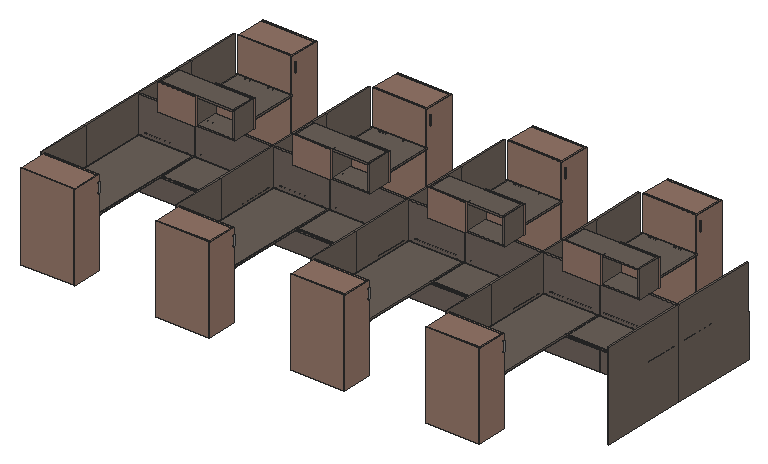
Revit family "T200031", category Furniture, Revit 2022 (continued)
Definition of nested family "STAKS BENCHING WORKSURFACE BRACKETS"
  Automatic sketch dimensions
    plane 7 to Extrusion 1 sketch curve = 0' - 0 1/4"
    plane 4 "BASE TOP" to Extrusion 1 sketch curve = 0' - 0 1/16"
    Extrusion 2 sketch curve to Extrusion 2 sketch curve = 0' - 2"  (x7)
    Extrusion 3 sketch curve to Extrusion 3 sketch curve = 0' - 2"  (x7)
    Extrusion 2 sketch curve to Extrusion 2 sketch curve = 0' - 0"  (x7)
    Extrusion 3 sketch curve to Extrusion 3 sketch curve = 0' - 0"  (x7)
    Extrusion 4 sketch curve to Extrusion 4 sketch curve = 0' - 2"  (x7)
    Extrusion 5 sketch curve to Extrusion 5 sketch curve = 0' - 2"  (x7)
    Extrusion 4 sketch curve to Extrusion 4 sketch curve = 0' - 0"  (x7)
    Extrusion 5 sketch curve to Extrusion 5 sketch curve = 0' - 0"  (x7)
    radius of Extrusion 2 sketch curve = 0' - 0 3/32"  (x8)
    radius of Extrusion 3 sketch curve = 0' - 0 3/32"  (x8)
    radius of Extrusion 4 sketch curve = 0' - 0 3/32"  (x8)
    radius of Extrusion 5 sketch curve = 0' - 0 3/32"  (x8)
Definition of nested family "STAKS BENCHING 4 X 4 CLAMP PLATE"
  Parameters (values of type "STAKS BENCHING 4 X 4 CLAMP PLATE")
    Width = 0' - 4"
    URL = "http://www.ofs.com/"
    Model = "CP-1"
    Manufacturer = "OFS"
    Height From Floor = 2' - 3 7/8"
    Height = 0' - 0 1/8"
    Description = "OFS STAKS BENCHING 4 X 4 CLAMP PLATE, Adjoins Two Worksurfaces at Seam on Underneath Side of Worksurface"
    Depth = 0' - 4"
    Default Elevation = 0' - 0"
    Copyright © = "© 2018 OFS"
    Catalog = "https://ofs.com/products/open-plan/benching/staks"
    Bracket Material = none
    Authoring Version = "Autodesk Revit Architecture 2013"
    Assembly Code = "E2020200"
  Reference planes (in)
    plane 1: z = 0
    plane 2 "Center (Front/Back)": y = 2.0316
    plane 3 "LEFT": x = -18.5
    plane 4 "BASE TOP": z = 27.875
    plane 5 "RIGHT": x = -14.5
    plane 6: z = 27.75
    plane 7: y = 4.0316
    plane 8 "CENTER": x = -16.5
    plane 9: y = 0.0316
  Forms (in)
    Extrusion 1, solid
      sketch origin (0, 0, 0) x (1, 0, 0) y (0, 1, 0)
        loop
          arc (-18.25, 4.0316) -> (-18.42678, 3.95838) -> (-18.5, 3.7816) r 0.25
          line (-18.5, 3.7816) -> (-18.5, 0.2816)
          arc (-18.5, 0.2816) -> (-18.42678, 0.10482) -> (-18.25, 0.0316) r 0.25
          line (-18.25, 0.0316) -> (-14.75, 0.0316)
          arc (-14.75, 0.0316) -> (-14.57322, 0.10482) -> (-14.5, 0.2816) r 0.25
          line (-14.5, 0.2816) -> (-14.5, 3.7816)
          arc (-14.5, 3.7816) -> (-14.57322, 3.95838) -> (-14.75, 4.0316) r 0.25
          line (-14.75, 4.0316) -> (-18.25, 4.0316)
        loop
          circle (-18.1778, 3.7094) r 0.09375
        loop
          circle (-17.73948, 3.27108) r 0.09375
        loop
          circle (-18.1778, 0.35379) r 0.09375
        loop
          circle (-17.73948, 0.79212) r 0.09375
        loop
          circle (-14.8222, 0.35379) r 0.09375
        loop
          circle (-15.26052, 0.79212) r 0.09375
        loop
          circle (-14.8222, 3.7094) r 0.09375
        loop
          circle (-15.26052, 3.27108) r 0.09375
      from 27.75 to 27.875
  Dimensions and locks (in)
    "Height From Floor": plane 4 "BASE TOP" to plane 1
    "Height": plane 4 "BASE TOP" to plane 6
    equal spacing: plane 3 "LEFT", plane 8 "CENTER", plane 5 "RIGHT"
    equal spacing: plane 9, plane 2 "Center (Front/Back)", plane 7
    "Width": plane 3 "LEFT" to plane 5 "RIGHT"
    "Depth": plane 9 to plane 7
    aligned and locked: level to plane 1
    aligned and locked: plane 7 to Extrusion 1 sketch curve
    aligned and locked: plane 3 "LEFT" to Extrusion 1 sketch curve
    aligned and locked: Extrusion 1 sketch curve to plane 9
    aligned and locked: Extrusion 1 sketch curve to plane 5 "RIGHT"
    aligned and locked: Extrusion 1 to plane 4 "BASE TOP"
    aligned and locked: plane 6 to Extrusion 1
  Automatic sketch dimensions
    plane 3 "LEFT" to Extrusion 1 sketch curve = 0' - 0 1/4"  (x2)
    Extrusion 1 sketch curve to plane 9 = 0' - 0 1/4"
    Extrusion 1 sketch curve to plane 5 "RIGHT" = 0' - 0 1/4"
    Extrusion 1 sketch curve to Extrusion 1 sketch curve = 0' - 0.0722"  (x8)
    Extrusion 1 sketch curve to Extrusion 1 sketch curve = 0' - 0.43833"  (x4)
    Extrusion 1 sketch curve to Extrusion 1 sketch curve = 0' - 0.51052"  (x4)
    radius of Extrusion 1 sketch curve = 0' - 0 3/32"  (x8)
Definition of nested family "STAKS WORKSURFACE HEIGHT PEDESTAL - FILE-FILE - NO RISER SUPPORT"
  Parameters (values of type "STAKS WORKSURFACE HEIGHT PEDESTAL - FILE-FILE - NO RISER SUPPORT 19in D")
    URL = "http://www.ofs.com/"
    Riser Support = 0' - 0"
    Model = "6-NW1619MPD3"
    Manufacturer = "OFS"
    Height = 2' - 3 7/8"
    Drawer Material = none
    Drawer Handle Width = 0' - 5 7/16"
    Drawer Handle Material = none
    Description = "OFS STAKS WORKSURFACE HEIGHT PEDESTAL - FILE-FILE - NO RISER SUPPORT 19\" D, Two File Drawers, Use with 22\"D Worksurfaces"
    Width = 1' - 3 5/8"
    Depth = 1' - 7 3/8"
    Default Elevation = 0' - 0"
    DH2 = 0' - 6 1/2"
    DH1 = 1' - 2 3/8"
    Copyright © = "© 2018 OFS"
    Chasis Material = none
    Catalog = "https://ofs.com/products/casegoods/private-office/staks"
    Board Thickness = 0' - 0 3/4"
    Authoring Version = "Autodesk Revit Architecture 2013"
    Assembly Code = "E2020200"
  Types (6): name | Model | Description | Depth
    STAKS WORKSURFACE HEIGHT PEDESTAL - FILE-FILE - NO RISER SUPPORT 19in D | "6-NW1619MPD3" | "OFS STAKS WORKSURFACE HEIGHT PEDESTAL - FILE-FILE - NO RISER SUPPORT 19\" D, Two File Drawers, Use with 22\"D Worksurfaces" | 1' - 7 3/8"
    STAKS WORKSURFACE HEIGHT PEDESTAL - FILE-FILE - NO RISER SUPPORT 22in D | "6-NW1622MPD3" | "OFS STAKS WORKSURFACE HEIGHT PEDESTAL - FILE-FILE - NO RISER SUPPORT 22\" D, Two File Drawers, Use with 22\"D Worksurfaces" | 1' - 9 7/8"
    STAKS WORKSURFACE HEIGHT PEDESTAL - FILE-FILE - NO RISER SUPPORT 27in D | "6-NW1627MPD3" | "OFS STAKS WORKSURFACE HEIGHT PEDESTAL - FILE-FILE - NO RISER SUPPORT 27\" D, Two File Drawers, Use with 30\"D Worksurfaces" | 2' - 3 3/8"
    STAKS WORKSURFACE HEIGHT PEDESTAL - FILE-FILE - NO RISER SUPPORT 30in D | "6-NW1630MPD3" | "OFS STAKS WORKSURFACE HEIGHT PEDESTAL - FILE-FILE - NO RISER SUPPORT 30\" D, Two File Drawers, Use with 30\"D Worksurfaces" | 2' - 5 7/8"
    STAKS WORKSURFACE HEIGHT PEDESTAL - FILE-FILE - NO RISER SUPPORT 33in D | "6-NW1633MPD3" | "OFS STAKS WORKSURFACE HEIGHT PEDESTAL - FILE-FILE - NO RISER SUPPORT 33\" D, Two File Drawers, Use with 36\"D Worksurfaces" | 2' - 9 3/8"
    STAKS WORKSURFACE HEIGHT PEDESTAL - FILE-FILE - NO RISER SUPPORT 36in D | "6-NW1636MPD3" | "OFS STAKS WORKSURFACE HEIGHT PEDESTAL - FILE-FILE - NO RISER SUPPORT 36\" D, Two File Drawers, Use with 36\"D Worksurfaces" | 2' - 11 7/8"
  Reference planes (in)
    plane 1: z = 0
    plane 2 "Right": x = 20.97711
    plane 3: z = 27.875
    plane 4: z = 14.375
    plane 5: z = 14.25
    plane 6: z = 0
    plane 7: z = 14
    plane 8: z = 27.625
    plane 9: z = 13.531
    plane 10: z = 27.15625
    plane 11: x = 13.16461
    plane 12: y = 1.37535
    plane 13: y = 0.62535
    plane 14: x = 13.22711
    plane 15: x = 28.72661
    plane 16: x = 13.91461
    plane 17: y = 20.00035
    plane 18: x = 28.78961
    plane 19: x = 28.03961
    plane 20: x = 18.25836
    plane 21: x = 18.63336
    plane 22: x = 23.69586
    plane 23: x = 23.32086
    plane 24: y = -0.18715
    plane 25: y = -0.37465
    plane 26: z = 0.25
    plane 27: y = 19.25035
    plane 28: z = 0.75
    plane 29: y = 16.75035
    plane 30: y = 4.37535
    plane 31: y = 8.37535
    plane 32: y = 12.75035
    plane 33: y = 5.00035
    plane 34: y = 13.37535
    plane 35: z = 28
  Forms (in)
    Extrusion 1, solid, material <- "Drawer Material"
      sketch origin (20.35211, 5, -13.1802) x (0, 1, 0) y (0, 0, 1)
        loop
          line (-4.37465, 27.4302) -> (-4.37465, 13.4302) -> (-3.62465, 13.4302) -> (-3.62465, 27.4302) -> (-4.37465, 27.4302)
      from -7.125 to 8.3745
    Extrusion 2, solid, material <- "Drawer Material"
      sketch origin (20.35211, 2.25, -7.68015) x (0, 1, 0) y (0, 0, 1)
        loop
          line (-1.62465, 35.55515) -> (-1.62465, 22.05515) -> (-0.87465, 22.05515) -> (-0.87465, 35.55515) -> (-1.62465, 35.55515)
      from -7.125 to 8.3745
    Extrusion 3, solid, material <- "Chasis Material"
      sketch origin (-3, -1.24965, 0) x (1, 0, 0) y (0, 0, 1)
        loop
          line (16.16461, 0) -> (16.91461, 0) -> (16.91461, 27.875) -> (16.16461, 27.875) -> (16.16461, 0)
      from -21.25 to -2.625
    Extrusion 4, solid, material <- "Chasis Material"
      sketch origin (19.35211, 31.02324, 0) x (0, 1, 0) y (0, 0, 1)
        loop
          line (-11.77289, 0) -> (-11.02289, 0) -> (-11.02289, 27.875) -> (-11.77289, 27.875) -> (-11.77289, 0)
      from -5.4375 to 8.6875
    Extrusion 5, solid, material <- "Drawer Handle Material"
      sketch origin (9, 0, 9.60933) x (1, 0, 0) y (0, 1, 0)
        loop
          line (9.25836, 0.62535) -> (9.25836, -0.37465) -> (14.69586, -0.37465) -> (14.69586, 0.62535) -> (14.32086, 0.62535) -> (14.32086, -0.18715) -> (9.63336, -0.18715) -> (9.63336, 0.62535) -> (9.25836, 0.62535)
      from 3.92167 to 4.39067
    Extrusion 6, solid, material <- "Drawer Handle Material"
      sketch origin (9, 0, 20.67137) x (1, 0, 0) y (0, 1, 0)
        loop
          line (9.25836, 0.62535) -> (9.25836, -0.37465) -> (14.69586, -0.37465) -> (14.69586, 0.62535) -> (14.32086, 0.62535) -> (14.32086, -0.18715) -> (9.63336, -0.18715) -> (9.63336, 0.62535) -> (9.25836, 0.62535)
      from 6.48488 to 6.95363
    Extrusion 7, solid, material <- "Chasis Material"
      sketch origin (0, 0, 0) x (1, 0, 0) y (0, 1, 0)
        loop
          line (28.78961, 20.00035) -> (28.03961, 20.00035) -> (28.03961, 1.37535) -> (28.78961, 1.37535) -> (28.78961, 20.00035)
      from 0 to 27.875
    Extrusion 8, solid, material <- "Chasis Material"
      sketch origin (-29.79592, -1.62465, 7.24693) x (1, 0, 0) y (0, 0, 1)
        loop
          line (43.71054, 19.90932) -> (57.83554, 19.90932) -> (57.83554, 20.62807) -> (43.71054, 20.62807) -> (43.71054, 19.90932)
      from -18.375 to -14.375
    Extrusion 9, solid, material <- "Chasis Material"
      sketch origin (-29.79592, -7.12465, 7.24693) x (1, 0, 0) y (0, 0, 1)
        loop
          line (43.71054, 19.90932) -> (57.83554, 19.90932) -> (57.83554, 20.62807) -> (43.71054, 20.62807) -> (43.71054, 19.90932)
      from -15.5 to -11.5
    Extrusion 10, solid, material <- "Chasis Material"
      sketch origin (-31.5409, -1.62465, -42.72261) x (1, 0, 0) y (0, 0, 1)
        loop
          line (45.45551, 42.72261) -> (59.58051, 42.72261) -> (59.58051, 43.47261) -> (45.45551, 43.47261) -> (45.45551, 42.72261)
      from -20.875 to -3
    Extrusion 11, solid
      sketch origin (0, 0, 0) x (1, 0, 0) y (0, 1, 0)
        loop
          line (28.72661, 20.00035) -> (28.03961, 20.00035) -> (28.03961, 13.37535) -> (13.91461, 13.37535) -> (13.91461, 20.00035) -> (13.22711, 20.00035) -> (13.22711, 1.37535) -> (13.91461, 1.37535) -> (13.91461, 4.37535) -> (28.03961, 4.37535) -> (28.03961, 1.37535) -> (28.72661, 1.37535) -> (28.72661, 20.00035)
        loop
          line (28.03961, 5.00035) -> (28.03961, 12.75035) -> (13.91461, 12.75035) -> (13.91461, 5.00035) -> (28.03961, 5.00035)
      from 27.875 to 28
  Dimensions and locks (in)
    "Board Thickness": plane 13 to plane 12
    locked: plane 11 to plane 14 at 0.0625
    "Board Thickness": plane 11 to plane 16
    locked: plane 15 to plane 18 at 0.063
    "Width": plane 11 to plane 18
    Extrusion 7 sketch curve to plane 18 = 0' - 0 3/4"
    "Board Thickness": plane 19 to plane 18
    equal spacing: plane 11, plane 2 "Right", plane 18
    locked: plane 20 to plane 21 at 0.375
    locked: plane 23 to plane 22 at 0.375
    equal spacing: plane 20, plane 2 "Right", plane 22
    "Drawer Handle Width": plane 20 to plane 22
    plane 25 to plane 24 to plane 13 = 0' - 0 3/16" locked, 0' - 0 13/16" locked
    "Riser Support": plane 6 to level
    "Height": plane 3 to plane 6
    "DH1": plane 4 to plane 6
    locked: plane 26 to plane 6 at 0.25
    "Board Thickness": plane 27 to plane 17
    "Depth": plane 13 to plane 17
    plane 4 to plane 5 to plane 7 to plane 9 = 0' - 0 1/8" locked, 0' - 0 1/4" locked, 0' - 0.469" locked
    plane 3 to plane 8 to plane 10 = 0' - 0 1/4" locked, 0' - 0 15/32" locked
    "Board Thickness": plane 28 to plane 6
    plane 12 to plane 30 to plane 31 = 0' - 3" locked, 0' - 4" locked
    plane 32 to plane 29 to plane 27 = 0' - 4" locked, 0' - 2 1/2" locked
    locked: plane 30 to plane 33 at 0.625
    locked: plane 32 to plane 34 at 0.625
    locked: plane 35 to plane 3 at 0.125
    aligned and locked: level to plane 1
    aligned and locked: Extrusion 1 to plane 14
    aligned and locked: plane 15 to Extrusion 1
    aligned and locked: Extrusion 2 to plane 12
    aligned and locked: plane 13 to Extrusion 2
    aligned and locked: plane 15 to Extrusion 2
    aligned and locked: Extrusion 2 to plane 14
    aligned and locked: plane 12 to Extrusion 3
    aligned and locked: Extrusion 3 to plane 17
    aligned and locked: Extrusion 4 to plane 16
    aligned and locked: plane 16 to Extrusion 3
    aligned and locked: Extrusion 3 to plane 11
    aligned and locked: Extrusion 4 to plane 17
    aligned and locked: Extrusion 1 sketch curve to plane 12
    aligned and locked: plane 13 to Extrusion 1 sketch curve
    aligned and locked: plane 19 to Extrusion 4
    aligned and locked: plane 3 to Extrusion 3
    aligned and locked: Extrusion 6 to plane 22
    aligned and locked: Extrusion 5 to plane 22
    aligned and locked: plane 23 to Extrusion 6
    aligned and locked: plane 23 to Extrusion 5
    aligned and locked: plane 21 to Extrusion 6
    aligned and locked: plane 21 to Extrusion 5
    aligned and locked: Extrusion 6 to plane 20
    aligned and locked: Extrusion 5 to plane 20
    aligned and locked: plane 24 to Extrusion 6
    aligned and locked: plane 7 to Extrusion 5
    aligned and locked: Extrusion 5 to plane 9
    aligned and locked: plane 3 to Extrusion 4
    aligned and locked: Extrusion 1 to plane 26
    aligned and locked: Extrusion 7 to plane 19
    aligned and locked: plane 3 to Extrusion 7
    aligned and locked: Extrusion 7 to plane 6
    aligned and locked: plane 3 to Extrusion 8
    aligned and locked: Extrusion 8 to plane 10
    aligned and locked: plane 19 to Extrusion 8
    aligned and locked: Extrusion 8 to plane 16
    aligned and locked: Extrusion 8 to plane 29
    aligned and locked: plane 32 to Extrusion 8
    aligned and locked: plane 30 to Extrusion 9
    aligned and locked: Extrusion 9 to plane 31
    aligned and locked: plane 3 to Extrusion 9
    aligned and locked: Extrusion 9 to plane 10
    aligned and locked: plane 28 to Extrusion 10
    aligned and locked: Extrusion 10 to plane 6
    aligned and locked: Extrusion 10 to plane 27
    aligned and locked: plane 12 to Extrusion 10
    aligned and locked: plane 19 to Extrusion 10
    aligned and locked: Extrusion 10 to plane 16
    aligned and locked: Extrusion 11 to plane 3
    aligned and locked: plane 35 to Extrusion 11
    aligned and locked: plane 3 to Extrusion 2
    aligned and locked: plane 8 to Extrusion 6
    aligned and locked: Extrusion 6 to plane 10
  Automatic sketch dimensions
    Extrusion 1 sketch curve to plane 26 = 0' - 0"
    Extrusion 1 sketch curve to plane 5 = 0' - 0"
    Extrusion 2 sketch curve to plane 13 = 0' - 0"
    Extrusion 2 sketch curve to plane 4 = 0' - 0"
    Extrusion 2 sketch curve to plane 12 = 0' - 0"
    Extrusion 3 sketch curve to plane 6 = 0' - 0"
    Extrusion 3 sketch curve to plane 11 = 0' - 0"
    Extrusion 3 sketch curve to plane 3 = 0' - 0"
    Extrusion 3 sketch curve to plane 16 = 0' - 0"
    Extrusion 4 sketch curve to plane 6 = 0' - 0"
    Extrusion 4 sketch curve to plane 3 = 0' - 0"
    Extrusion 4 sketch curve to plane 17 = 0' - 0"
    plane 27 to Extrusion 4 sketch curve = 0' - 0"
    plane 13 to Extrusion 5 sketch curve = 0' - 0"  (x2)
    Extrusion 5 sketch curve to plane 20 = 0' - 0"
    Extrusion 5 sketch curve to plane 21 = 0' - 0"
    Extrusion 5 sketch curve to plane 23 = 0' - 0"
    Extrusion 5 sketch curve to plane 22 = 0' - 0"
    plane 25 to Extrusion 5 sketch curve = 0' - 0"
    plane 24 to Extrusion 5 sketch curve = 0' - 0"
    plane 13 to Extrusion 6 sketch curve = 0' - 0"  (x2)
    Extrusion 6 sketch curve to plane 20 = 0' - 0"
    Extrusion 6 sketch curve to plane 21 = 0' - 0"
    Extrusion 6 sketch curve to plane 23 = 0' - 0"
    Extrusion 6 sketch curve to plane 22 = 0' - 0"
    plane 25 to Extrusion 6 sketch curve = 0' - 0"
    plane 24 to Extrusion 6 sketch curve = 0' - 0"
    plane 12 to Extrusion 7 sketch curve = 0' - 0"
    Extrusion 7 sketch curve to plane 18 = 0' - 0"
    plane 17 to Extrusion 7 sketch curve = 0' - 0"
    Extrusion 8 sketch curve to plane 10 = 0' - 0"
    Extrusion 8 sketch curve to plane 16 = 0' - 0"
    Extrusion 8 sketch curve to plane 3 = 0' - 0"
    Extrusion 8 sketch curve to plane 19 = 0' - 0"
    Extrusion 9 sketch curve to plane 10 = 0' - 0"
    Extrusion 9 sketch curve to plane 16 = 0' - 0"
    Extrusion 9 sketch curve to plane 3 = 0' - 0"
    Extrusion 9 sketch curve to plane 19 = 0' - 0"
    plane 14 to Extrusion 10 sketch curve = 0' - 0 11/16"
    Extrusion 10 sketch curve to plane 6 = 0' - 0"
    plane 6 to Extrusion 10 sketch curve = 0' - 0 3/4"
    Extrusion 10 sketch curve to plane 19 = 0' - 0"
    Extrusion 11 sketch curve to plane 14 = 0' - 0"
    Extrusion 11 sketch curve to plane 19 = 0' - 0"  (x2)
    Extrusion 11 sketch curve to plane 15 = 0' - 0"
    Extrusion 11 sketch curve to plane 13 = 0' - 0 3/4"  (x2)
    Extrusion 11 sketch curve to plane 30 = 0' - 0"
    Extrusion 11 sketch curve to plane 33 = 0' - 0"
    Extrusion 11 sketch curve to plane 34 = 0' - 0"
    Extrusion 11 sketch curve to plane 32 = 0' - 0"
    Extrusion 11 sketch curve to Extrusion 11 sketch curve = 0' - 0"  (x2)
    Extrusion 11 sketch curve to plane 16 = 0' - 0"  (x2)
    plane 17 to Extrusion 11 sketch curve = 0' - 0"  (x2)
    plane 4 to Extrusion 2 sketch curve = 1' - 1 1/2"
Definition of nested family "STAKS 15H SHARED ORGANIZER One Opening Per Side"
  Parameters (values of type "STAKS 15H SHARED ORGANIZER 30in W")
    URL = "http://www.ofs.com/"
    Height Above Floor [instance] = 5' - 2 1/2"
    Height = 1' - 3"
    Doors Material = none
    Depth = 1' - 2 1/2"
    Model = "6-3015SORG2A"
    Manufacturer = "OFS"
    Description = "OFS STAKS 15H SHARED ORGANIZER 30\" Width, One Opening per Side"
    Width = 2' - 6"
    Default Elevation = 0' - 0"
    Copyright © = "© 2018 OFS"
    Catalog = "https://ofs.com/products/casegoods/private-office/staks"
    Board Material = none
    Board Thickness = 0' - 0 3/4"
    Authoring Version = "Autodesk Revit Architecture 2013"
    Assembly Code = "E2020200"
  Types (3): name | Model | Description | Width
    STAKS 15H SHARED ORGANIZER 36in W | "6-3615SORG2A" | "OFS STAKS 15H SHARED ORGANIZER 36\" Width, One Opening per Side" | 3' - 0"
    STAKS 15H SHARED ORGANIZER 42in W | "6-4215SORG2A" | "OFS STAKS 15H SHARED ORGANIZER 42\" Width, One Opening per Side" | 3' - 6"
    STAKS 15H SHARED ORGANIZER 30in W | "6-3015SORG2A" | "OFS STAKS 15H SHARED ORGANIZER 30\" Width, One Opening per Side" | 2' - 6"
  Reference planes (in)
    plane 1: z = -0.125
    plane 2 "LEFT": x = 12.05498
    plane 3 "RIGHT": x = 42.05498
    plane 4 "BACK": y = -1.83365
    plane 5 "FRONT": y = -14.83365
    plane 6: x = 12.80498
    plane 7: x = 41.30498
    plane 8: z = 47.375
    plane 9 "SURFACE TOP": z = 62.375
    plane 10: z = 48.125
    plane 11: x = 27.05498
    plane 12: z = 61.625
    plane 13: y = -8.33365
    plane 14: y = -7.95865
    plane 15: y = -8.70865
    plane 16: x = 27.42998
    plane 17: x = 26.67998
    plane 18: y = -1.08365
    plane 19: y = -15.58365
  Forms (in)
    Extrusion 1, solid, material <- "Board Material"
      sketch origin (0, 0, 62.375) x (0, 1, 0) y (-1, 0, 0)
        loop
          line (-1.83365, -12.80498) -> (-14.83365, -12.80498) -> (-14.83365, -41.30498) -> (-1.83365, -41.30498) -> (-1.83365, -12.80498)
      from -14.25 to -15
    Extrusion 2, solid, material <- "Board Material"
      sketch origin (0, 0, 62.375) x (0, 1, 0) y (-1, 0, 0)
        loop
          line (-1.83365, -12.80498) -> (-1.83365, -12.05498) -> (-14.83365, -12.05498) -> (-14.83365, -12.80498) -> (-1.83365, -12.80498)
        loop
          line (-1.83365, -42.05498) -> (-1.83365, -41.30498) -> (-14.83365, -41.30498) -> (-14.83365, -42.05498) -> (-1.83365, -42.05498)
      from 0 to -15
    Extrusion 3, solid, material <- "Board Material"
      sketch origin (0, 0, 27.375) x (0, 1, 0) y (-1, 0, 0)
        loop
          line (-1.83365, -12.80498) -> (-14.83365, -12.80498) -> (-14.83365, -41.30498) -> (-1.83365, -41.30498) -> (-1.83365, -12.80498)
      from 35 to 34.25
    Extrusion 4, solid, material <- "Board Material"
      sketch origin (0, 0, 62.375) x (0, 1, 0) y (-1, 0, 0)
        loop
          line (-1.83365, -26.67998) -> (-14.83365, -26.67998) -> (-14.83365, -27.42998) -> (-1.83365, -27.42998) -> (-1.83365, -26.67998)
      from -0.75 to -14.25
    Extrusion 5, solid, material <- "Doors Material"
      sketch origin (-1.5309, -10.89295, 62.375) x (0, 1, 0) y (-1, 0, 0)
        loop
          line (-3.9407, -13.58589) -> (-4.6907, -13.58589) -> (-4.6907, -28.96089) -> (-3.9407, -28.96089) -> (-3.9407, -13.58589)
      from 0 to -15
    Extrusion 6, solid, material <- "Doors Material"
      sketch origin (30.99601, 21.63396, 62.375) x (0, 1, 0) y (-1, 0, 0)
        loop
          line (-22.71762, 4.31603) -> (-23.46762, 4.31603) -> (-23.46762, -11.05897) -> (-22.71762, -11.05897) -> (-22.71762, 4.31603)
      from 0 to -15
  Dimensions and locks (in)
    "Width": plane 2 "LEFT" to plane 3 "RIGHT"
    "Height": plane 9 "SURFACE TOP" to plane 8
    "Board Thickness": plane 2 "LEFT" to plane 6
    "Board Thickness": plane 7 to plane 3 "RIGHT"
    "Height Above Floor": plane 9 "SURFACE TOP" to level
    "Board Thickness": plane 10 to plane 8
    equal spacing: plane 2 "LEFT", plane 11, plane 3 "RIGHT"
    "Board Thickness": plane 9 "SURFACE TOP" to plane 12
    equal spacing: plane 4 "BACK", plane 13, plane 5 "FRONT"
    equal spacing: plane 14, plane 13, plane 15
    "Board Thickness": plane 14 to plane 15
    equal spacing: plane 17, plane 11, plane 16
    "Board Thickness": plane 17 to plane 16
    "Depth": plane 18 to plane 19
    "Board Thickness": plane 18 to plane 4 "BACK"
    "Board Thickness": plane 5 "FRONT" to plane 19
    aligned: level to plane 1
    aligned and locked: Extrusion 1 sketch curve to plane 4 "BACK"
    aligned and locked: plane 6 to Extrusion 1 sketch curve
    aligned and locked: plane 5 "FRONT" to Extrusion 1 sketch curve
    aligned and locked: Extrusion 1 sketch curve to plane 7
    aligned and locked: Extrusion 1 to plane 8
    aligned and locked: plane 10 to Extrusion 1
    aligned and locked: Extrusion 1 to Extrusion 2 sketch curve  (x2)
    aligned and locked: Extrusion 2 sketch curve to Extrusion 1  (x2)
    aligned and locked: Extrusion 2 sketch curve to plane 5 "FRONT"
    aligned and locked: Extrusion 2 sketch curve to plane 2 "LEFT"
    aligned and locked: plane 4 "BACK" to Extrusion 2 sketch curve
    aligned and locked: plane 3 "RIGHT" to Extrusion 2 sketch curve
    aligned and locked: Extrusion 2 to plane 8
    aligned and locked: plane 9 "SURFACE TOP" to Extrusion 2
    aligned and locked: plane 9 "SURFACE TOP" to Extrusion 3
    aligned and locked: Extrusion 3 to plane 12
    aligned and locked: plane 4 "BACK" to Extrusion 3
    aligned and locked: Extrusion 3 to plane 5 "FRONT"
    aligned and locked: Extrusion 3 to plane 6
    aligned and locked: plane 7 to Extrusion 3
    aligned and locked: Extrusion 4 sketch curve to plane 17
    aligned and locked: plane 5 "FRONT" to Extrusion 4 sketch curve
    aligned and locked: Extrusion 4 sketch curve to plane 16
    aligned and locked: Extrusion 5 to plane 2 "LEFT"
    aligned and locked: plane 16 to Extrusion 5
    aligned and locked: plane 17 to Extrusion 6
    aligned and locked: plane 3 "RIGHT" to Extrusion 6
    aligned and locked: Extrusion 6 to plane 4 "BACK"
    aligned and locked: plane 18 to Extrusion 6
    aligned and locked: plane 5 "FRONT" to Extrusion 5
    aligned and locked: Extrusion 5 to plane 19
    aligned and locked: Extrusion 5 to plane 8
    aligned and locked: plane 9 "SURFACE TOP" to Extrusion 5
    aligned and locked: plane 9 "SURFACE TOP" to Extrusion 6
    aligned and locked: Extrusion 6 to plane 8
    aligned and locked: Extrusion 4 to plane 4 "BACK"
  Automatic sketch dimensions
    Extrusion 3 sketch curve to plane 5 "FRONT" = 0' - 0"
    Extrusion 3 sketch curve to plane 4 "BACK" = 0' - 0"
    Extrusion 3 sketch curve to plane 7 = 0' - 0"
    Extrusion 3 sketch curve to plane 6 = 0' - 0"
    Extrusion 5 sketch curve to plane 2 "LEFT" = 0' - 0"
    Extrusion 5 sketch curve to plane 19 = 0' - 0"
    Extrusion 5 sketch curve to plane 7 = 1' - 1 7/8"
    Extrusion 5 sketch curve to Extrusion 5 sketch curve = 0' - 0 3/4"
    Extrusion 6 sketch curve to plane 18 = 0' - 0 3/4"
    plane 18 to Extrusion 6 sketch curve = 0' - 0"
    plane 3 "RIGHT" to Extrusion 6 sketch curve = 0' - 0"
    Extrusion 6 sketch curve to plane 7 = 1' - 2 5/8"
    plane 15 to Extrusion 4 sketch curve = 0' - 6 7/8"
Definition of nested family "STAKS FABRIC TACKBOARD FOR SPINE OR DIVIDER WALL"
  Parameters (values of type "STAKS FABRIC TACKBOARD FOR SPINE OR DIVIDER WALL 12H x 27-48.9375W")
    URL = "http://www.ofs.com/"
    Height Above Floor [instance] = 3' - 5 1/2"
    Height = 1' - 0"
    Depth = 0' - 0 1/2"
    Model = "FT30A"
    Manufacturer = "OFS"
    Description = "OFS STAKS FABRIC TACKBOARD FOR SPINE OR DIVIDER WALL 12\" Height X 27\" - 48.9375\" Width, Any Width in 1/8\" Increments available within Ranges Shown"
    Width = 2' - 3"
    Default Elevation = 0' - 0"
    Copyright © = "© 2018 OFS"
    Catalog = "https://ofs.com/products/casegoods/private-office/staks"
    Authoring Version = "Autodesk Revit Architecture 2013"
    Assembly Code = "E2020200"
  Types (6): name | Height Above Floor | Height | Model | Description | Width
    STAKS FABRIC TACKBOARD FOR SPINE OR DIVIDER WALL 12H x 27-48.9375W | 3' - 5 1/2" | 1' - 0" | "FT30A" | "OFS STAKS FABRIC TACKBOARD FOR SPINE OR DIVIDER WALL 12\" Height X 27\" - 48.9375\" Width, Any Width in 1/8\" Increments available within Ranges Shown" | 2' - 3"
    STAKS FABRIC TACKBOARD FOR SPINE OR DIVIDER WALL 12H x 74-96W | 3' - 5 1/2" | 1' - 0" | "FT30C" | "OFS STAKS FABRIC TACKBOARD FOR SPINE OR DIVIDER WALL 12\" Height X 74\" - 96\" Width, Any Width in 1/8\" Increments available within Ranges Shown" | 6' - 2"
    STAKS FABRIC TACKBOARD FOR SPINE OR DIVIDER WALL 12H x 49-73.9375W | 3' - 5 1/2" | 1' - 0" | "FT30B" | "OFS STAKS FABRIC TACKBOARD FOR SPINE OR DIVIDER WALL 12\" Height X 49\" - 73.9375\" Width, Any Width in 1/8\" Increments available within Ranges Shown" | 4' - 1"
    STAKS FABRIC TACKBOARD FOR SPINE OR DIVIDER WALL 18H x 27-48.9375W | 3' - 11 1/2" | 1' - 6" | "FT30D" | "OFS STAKS FABRIC TACKBOARD FOR SPINE OR DIVIDER WALL 18\" Height X 27\" - 48.9375\" Width, Any Width in 1/8\" Increments available within Ranges Shown" | 2' - 3"
    STAKS FABRIC TACKBOARD FOR SPINE OR DIVIDER WALL 18H x 49-73.9375W | 3' - 11 1/2" | 1' - 6" | "FT30E" | "OFS STAKS FABRIC TACKBOARD FOR SPINE OR DIVIDER WALL 18\" Height X 49\" - 73.9375\" Width, Any Width in 1/8\" Increments available within Ranges Shown" | 4' - 1"
    STAKS FABRIC TACKBOARD FOR SPINE OR DIVIDER WALL 18H x 74-96W | 3' - 11 1/2" | 1' - 6" | "FT30F" | "OFS STAKS FABRIC TACKBOARD FOR SPINE OR DIVIDER WALL 18\" Height X 74\" - 96\" Width, Any Width in 1/8\" Increments available within Ranges Shown" | 6' - 2"
  Reference planes (in)
    plane 1: z = -0.125
    plane 2 "LEFT": x = 7.55498
    plane 3 "RIGHT": x = 34.55498
    plane 4 "BACK": y = -1.83365
    plane 5 "FRONT": y = -2.33365
    plane 6: x = 7.67998
    plane 7: x = 34.42998
    plane 8: y = -1.95865
    plane 9: y = -2.20865
    plane 10: z = 29.375
    plane 11 "SURFACE TOP": z = 41.375
  Forms (in)
    Extrusion 1, solid
      sketch origin (0, 0, 17.125) x (-1, 0, 0) y (0, -1, 0)
        loop
          line (-7.55498, 1.83365) -> (-7.55498, 2.33365) -> (-34.55498, 2.33365) -> (-34.55498, 1.83365) -> (-7.55498, 1.83365)
      from 24.25 to 12.25
  Dimensions and locks (in)
    "Depth": plane 4 "BACK" to plane 5 "FRONT"
    "Width": plane 2 "LEFT" to plane 3 "RIGHT"
    "Height": plane 11 "SURFACE TOP" to plane 10
    locked: plane 4 "BACK" to plane 8 at 0.125
    locked: plane 2 "LEFT" to plane 6 at 0.125
    locked: plane 7 to plane 3 "RIGHT" at 0.125
    locked: plane 9 to plane 5 "FRONT" at 0.125
    "Height Above Floor": plane 11 "SURFACE TOP" to level
    aligned: level to plane 1
    aligned and locked: plane 11 "SURFACE TOP" to Extrusion 1
    aligned and locked: Extrusion 1 to plane 10
    aligned and locked: plane 4 "BACK" to Extrusion 1 sketch curve
    aligned and locked: Extrusion 1 sketch curve to plane 2 "LEFT"
    aligned and locked: Extrusion 1 sketch curve to plane 5 "FRONT"
    aligned and locked: plane 3 "RIGHT" to Extrusion 1 sketch curve
Definition of nested family "STAKS SLIDE OUT STORAGE TOWER Full Door"
  Parameters (values of type "STAKS SLIDE OUT STORAGE TOWER 42H Left - 2 Stationary Shelf")
    URL = "http://www.ofs.com/"
    Right = no
    Model = "6-1742SOSL3"
    Manufacturer = "OFS"
    Left = yes
    Height = 3' - 6"
    Door Material = none
    Door Handle Material = none
    Description = "OFS STAKS SLIDE OUT STORAGE TOWER 42in Height, Left Aligned, 2 Stationary Shelf"
    Width = 1' - 5"
    Depth = 2' - 6"
    Default Elevation = 0' - 0"
    Copyright © = "© 2018 OFS"
    Chasis Material = none
    Catalog = "https://ofs.com/products/casegoods/private-office/staks"
    Board Width = 0' - 0 3/4"
    Authoring Version = "Autodesk Revit Architecture 2013"
    Assembly Code = "E2020200"
  Types (12): name | Right | Model | Left | Height | Description
    STAKS SLIDE OUT STORAGE TOWER 42H Left - Three Section Felt Pocket & Section Felt Pocket & Stationary Shelf | no | "6-1742SOSL1" | yes | 3' - 6" | "OFS STAKS SLIDE OUT STORAGE TOWER 42in Height, Left Aligned, Three Section Felt Pocket& Section Felt Pocket & Stationary Shelf"
    STAKS SLIDE OUT STORAGE TOWER 42H Right - Three Section Felt Pocket & Section Felt Pocket & Stationary Shelf | yes | "6-1742SOSR1" | no | 3' - 6" | "OFS STAKS SLIDE OUT STORAGE TOWER 42in Height, Right Aligned, Three Section Felt Pocket& Section Felt Pocket & Stationary Shelf"
    STAKS SLIDE OUT STORAGE TOWER 48H Right - Three Section Felt Pocket & Section Felt Pocket & 2 Stationary Shelf | yes | "6-1748SOSR1" | no | 4' - 0" | "OFS STAKS SLIDE OUT STORAGE TOWER 48in Height, Right Aligned, Three Section Felt Pocket& Section Felt Pocket & 2 Stationary Shelf"
    STAKS SLIDE OUT STORAGE TOWER 48H Left - Three Section Felt Pocket & Section Felt Pocket & 2 Stationary Shelf | no | "6-1748SOSL1" | yes | 4' - 0" | "OFS STAKS SLIDE OUT STORAGE TOWER 48in Height, Left Aligned, Three Section Felt Pocket& Section Felt Pocket & 2 Stationary Shelf"
    STAKS SLIDE OUT STORAGE TOWER 42H Left - Box Drawer & 2 Stationary Shelf | no | "6-1742SOSL2" | yes | 3' - 6" | "OFS STAKS SLIDE OUT STORAGE TOWER 42in Height, Left Aligned, Box Drawer & 2 Stationary Shelf"
    STAKS SLIDE OUT STORAGE TOWER 42H Right - Box Drawer & 2 Stationary Shelf | yes | "6-1742SOSR2" | no | 3' - 6" | "OFS STAKS SLIDE OUT STORAGE TOWER 42in Height, Right Aligned, Box Drawer & 2 Stationary Shelf"
    STAKS SLIDE OUT STORAGE TOWER 48H Left - Box Drawer & 3 Stationary Shelf | no | "6-1748SOSL2" | yes | 4' - 0" | "OFS STAKS SLIDE OUT STORAGE TOWER 48in Height, Left Aligned, Box Drawer & 3 Stationary Shelf"
    STAKS SLIDE OUT STORAGE TOWER 48H Right - Box Drawer & 3 Stationary Shelf | yes | "6-1748SOSR2" | no | 4' - 0" | "OFS STAKS SLIDE OUT STORAGE TOWER 48in Height, Left Aligned, Box Drawer & 3 Stationary Shelf"
    STAKS SLIDE OUT STORAGE TOWER 42H Left - 2 Stationary Shelf | no | "6-1742SOSL3" | yes | 3' - 6" | "OFS STAKS SLIDE OUT STORAGE TOWER 42in Height, Left Aligned, 2 Stationary Shelf"
    STAKS SLIDE OUT STORAGE TOWER 48H Left - 3 Stationary Shelf | no | "6-1748SOSL3" | yes | 4' - 0" | "OFS STAKS SLIDE OUT STORAGE TOWER 48in Height, Left Aligned, 3 Stationary Shelf"
    STAKS SLIDE OUT STORAGE TOWER 42H Right - 2 Stationary Shelf | yes | "6-1742SOSR3" | no | 3' - 6" | "OFS STAKS SLIDE OUT STORAGE TOWER 42in Height, Right Aligned, 2 Stationary Shelf"
    STAKS SLIDE OUT STORAGE TOWER 48H Right - 3 Stationary Shelf | yes | "6-1748SOSR3" | no | 3' - 6" | "OFS STAKS SLIDE OUT STORAGE TOWER 48in Height, Right Aligned, 3 Stationary Shelf"
  Reference planes (in)
    plane 1: z = 0
    plane 2 "Right": x = 20.97711
    plane 3 "PEDESTAL TOP": z = 41.25
    plane 4: z = 1.25
    plane 5: z = 0.5
    plane 6: z = 42
    plane 7: x = 37.97711
    plane 8: y = -9.24965
    plane 9: y = -9.99965
    plane 10: x = 21.72711
    plane 11: x = 37.22711
    plane 12: y = 20.00035
    plane 13: y = 5.00035
    plane 14: x = 29.47711
    plane 15: y = 19.25035
    plane 16: z = 41.875
    plane 17: z = 0.625
    plane 18: x = 21.03961
    plane 19: x = 37.91461
    plane 20: z = 3.57087
    plane 21: z = 2.82087
    plane 22: y = -4.24965
    plane 23: z = 39.07406
    plane 24: z = 38.69906
    plane 25: z = 34.01156
    plane 26: z = 33.63656
    plane 27: y = -10.99965
    plane 28: y = -10.74965
    plane 29: x = 36.41461
    plane 30: x = 36.91461
    plane 31: x = 22.53961
    plane 32: x = 22.03961
  Forms (in)
    Extrusion 1, solid, material <- "Door Material"
      sketch origin (65.97711, 5, -13.1802) x (0, 1, 0) y (0, 0, -1)
        loop
          line (-14.99965, -55.0552) -> (-14.24965, -55.0552) -> (-14.24965, -13.8052) -> (-14.99965, -13.8052) -> (-14.99965, -55.0552)
      from 28.0625 to 44.9375
    Extrusion 2, solid, material <- "Chasis Material"
      sketch origin (44.95422, -1.24965, 0) x (-1, 0, 0) y (0, 0, -1)
        loop
          line (6.97711, -0.5) -> (6.97711, -42) -> (7.72711, -42) -> (7.72711, -0.5) -> (6.97711, -0.5)
      from -21.25 to 8
    Extrusion 3, solid, material <- "Chasis Material"
      sketch origin (31.20422, -1.24965, 0) x (-1, 0, 0) y (0, 0, -1)
        loop
          line (9.47711, -0.5) -> (9.47711, -42) -> (10.22711, -42) -> (10.22711, -0.5) -> (9.47711, -0.5)
      from -21.25 to 8
    Extrusion 4, solid, material <- "Chasis Material"
      sketch origin (22.60211, 31.02324, 0) x (0, 1, 0) y (0, 0, -1)
        loop
          line (-11.77289, -0.5) -> (-11.77289, -41.25) -> (-11.02289, -41.25) -> (-11.02289, -0.5) -> (-11.77289, -0.5)
      from -14.625 to 0.875
    Extrusion 5, solid, material <- "Chasis Material"
      sketch origin (84.51466, 23.31058, 11.25) x (1, 0, 0) y (0, 1, 0)
        loop
          line (-47.28755, -3.31023) -> (-62.78755, -3.31023) -> (-62.78755, -32.56023) -> (-47.28755, -32.56023) -> (-47.28755, -3.31023)
      from 30.75 to 30
    Extrusion 6, solid, material <- "Chasis Material"
      sketch origin (41.95422, 10.87535, -22.67913) x (-1, 0, 0) y (0, 0, -1)
        loop
          line (4.72711, -26.25) -> (20.22711, -26.25) -> (20.22711, -25.5) -> (4.72711, -25.5) -> (4.72711, -26.25)
      from -8.375 to 15.125
    Extrusion 7, solid, material <- "Door Handle Material", visible <- "Left"
      sketch origin (-12.02289, 0, 0) x (0, 1, 0) y (0, 0, 1)
        loop
          line (-10.99965, 33.63656) -> (-9.99965, 33.63656) -> (-9.99965, 34.01156) -> (-10.74965, 34.01156) -> (-10.74965, 38.69906) -> (-9.99965, 38.69906) -> (-9.99965, 39.07406) -> (-10.99965, 39.07406) -> (-10.99965, 33.63656)
      from 48.4375 to 48.9375
    Extrusion 8, solid, material <- "Door Handle Material", visible <- "Right"
      sketch origin (70.97711, 0, 0) x (0, 1, 0) y (0, 0, -1)
        loop
          line (-10.99965, -33.63656) -> (-10.99965, -39.07406) -> (-9.99965, -39.07406) -> (-9.99965, -38.69906) -> (-10.74965, -38.69906) -> (-10.74965, -34.01156) -> (-9.99965, -34.01156) -> (-9.99965, -33.63656) -> (-10.99965, -33.63656)
      from 48.4375 to 48.9375
  Dimensions and locks (in)
    "Board Width": plane 9 to plane 8
    "Width": plane 7 to plane 2 "Right"
    "Board Width": plane 7 to plane 11
    "Board Width": plane 15 to plane 12
    "Board Width": plane 2 "Right" to plane 10
    equal spacing: plane 2 "Right", plane 14, plane 7
    "Depth": plane 9 to plane 12
    "Board Width": plane 6 to plane 3 "PEDESTAL TOP"
    "Board Width": plane 4 to plane 5
    "Height": plane 6 to level
    equal spacing: plane 9, plane 13, plane 12
    locked: plane 6 to plane 16 at 0.125
    locked: plane 17 to plane 5 at 0.125
    locked: plane 18 to plane 2 "Right" at 0.0625
    locked: plane 19 to plane 7 at 0.0625
    locked: plane 5 to plane 1 at 0.5
    locked: plane 21 to plane 4 at 1.57087
    "Board Width": plane 20 to plane 21
    locked: plane 8 to plane 22 at 5
    plane 29 to plane 30 to plane 7 = 0' - 0 1/2" locked, 0' - 1 1/16" locked
    plane 6 to plane 23 to plane 24 to plane 25 to plane 26 = 0' - 2.92594" locked, 0' - 0 3/8" locked, 0' - 4 11/16" locked, 0' - 0 3/8" locked
    plane 9 to plane 28 to plane 27 = 0' - 0 3/4" locked, 0' - 0 1/4" locked
    plane 31 to plane 32 to plane 2 "Right" = 0' - 0 1/2" locked, 0' - 1 1/16" locked
    aligned and locked: level to plane 1
    aligned and locked: plane 12 to Extrusion 3
    aligned and locked: Extrusion 3 to plane 8
    aligned and locked: Extrusion 2 to plane 8
    aligned and locked: plane 12 to Extrusion 2
    aligned and locked: plane 11 to Extrusion 4
    aligned and locked: Extrusion 4 to plane 10
    aligned and locked: plane 10 to Extrusion 3
    aligned and locked: plane 2 "Right" to Extrusion 3
    aligned and locked: Extrusion 2 to plane 11
    aligned and locked: plane 7 to Extrusion 2
    aligned and locked: plane 12 to Extrusion 4
    aligned and locked: plane 8 to Extrusion 1 sketch curve
    aligned and locked: Extrusion 1 sketch curve to plane 9
    aligned and locked: plane 6 to Extrusion 5
    aligned and locked: Extrusion 5 to plane 3 "PEDESTAL TOP"
    aligned and locked: Extrusion 5 to plane 12
    aligned and locked: plane 10 to Extrusion 5
    aligned and locked: Extrusion 5 to plane 11
    aligned and locked: plane 6 to Extrusion 2
    aligned and locked: plane 6 to Extrusion 3
    aligned and locked: plane 8 to Extrusion 5
    aligned and locked: plane 15 to Extrusion 4
    aligned and locked: plane 16 to Extrusion 1
    aligned and locked: Extrusion 1 to plane 17
    aligned and locked: Extrusion 1 to plane 19
    aligned and locked: Extrusion 1 to plane 18
    aligned and locked: plane 10 to Extrusion 6
    aligned and locked: Extrusion 6 to plane 11
    aligned and locked: plane 20 to Extrusion 6
    aligned and locked: Extrusion 6 to plane 21
    aligned and locked: Extrusion 6 to plane 15
    aligned and locked: plane 22 to Extrusion 6
    aligned and locked: plane 27 to Extrusion 7 sketch curve
    aligned and locked: plane 23 to Extrusion 7 sketch curve
    aligned and locked: plane 26 to Extrusion 7 sketch curve
    aligned and locked: Extrusion 7 sketch curve to plane 9
    aligned and locked: plane 25 to Extrusion 7 sketch curve
    aligned and locked: plane 28 to Extrusion 7 sketch curve
    aligned and locked: plane 24 to Extrusion 7 sketch curve
    aligned and locked: Extrusion 7 to plane 30
    aligned and locked: plane 29 to Extrusion 7
    aligned and locked: plane 32 to Extrusion 8  (x2)
    aligned and locked: Extrusion 8 to plane 31  (x2)
    aligned and locked: plane 28 to Extrusion 8
    aligned and locked: Extrusion 8 to plane 27
    aligned and locked: plane 23 to Extrusion 8
    aligned and locked: Extrusion 8 to plane 24
    aligned and locked: plane 25 to Extrusion 8
    aligned and locked: Extrusion 8 to plane 26
    aligned and locked: Extrusion 8 to plane 9  (x2)
  Automatic sketch dimensions
    Extrusion 7 sketch curve to plane 9 = 0' - 0"
    Extrusion 8 sketch curve to plane 23 = 0' - 0"
    Extrusion 8 sketch curve to plane 27 = 0' - 0"
    Extrusion 8 sketch curve to plane 25 = 0' - 0"
    Extrusion 8 sketch curve to plane 28 = 0' - 0"
    Extrusion 8 sketch curve to plane 9 = 0' - 0"  (x2)
    Extrusion 8 sketch curve to plane 24 = 0' - 0"
    Extrusion 8 sketch curve to plane 26 = 0' - 0"
    Extrusion 1 sketch curve to plane 17 = 0' - 0"
    Extrusion 1 sketch curve to plane 16 = 0' - 0"
    Extrusion 2 sketch curve to plane 5 = 0' - 0"
    plane 7 to Extrusion 2 sketch curve = 0' - 0"
    Extrusion 2 sketch curve to plane 6 = 0' - 0"
    plane 11 to Extrusion 2 sketch curve = 0' - 0"
    Extrusion 3 sketch curve to plane 5 = 0' - 0"
    plane 10 to Extrusion 3 sketch curve = 0' - 0"
    Extrusion 3 sketch curve to plane 2 "Right" = 0' - 0"
    Extrusion 3 sketch curve to plane 6 = 0' - 0"
    Extrusion 4 sketch curve to plane 5 = 0' - 0"
    Extrusion 4 sketch curve to plane 15 = 0' - 0"
    Extrusion 4 sketch curve to plane 3 "PEDESTAL TOP" = 0' - 0"
    Extrusion 4 sketch curve to plane 12 = 0' - 0"
    Extrusion 5 sketch curve to plane 10 = 0' - 0"
    plane 8 to Extrusion 5 sketch curve = 0' - 0"
    Extrusion 5 sketch curve to plane 11 = 0' - 0"
    plane 12 to Extrusion 5 sketch curve = 0' - 0"
    plane 11 to Extrusion 6 sketch curve = 0' - 0"
    plane 10 to Extrusion 6 sketch curve = 0' - 0"
    Extrusion 6 sketch curve to plane 20 = 0' - 0"
    Extrusion 6 sketch curve to plane 21 = 0' - 0"
Definition of nested family "STAKS BENCHING CANTILEVER WORKSURFACE BRACKET - MINI CONCEALED"
  Parameters (values of type "STAKS CANTILEVER WORKSURFACE BRACKET - MINI CONCEALED")
    Width = 0' - 1 1/2"
    URL = "http://www.ofs.com/"
    Model = "WSBKTC"
    Manufacturer = "OFS"
    Height From Floor = 2' - 3 7/8"
    Height = 0' - 3 1/2"
    Description = "OFS STAKS BENCHING CANTILEVER WORKSURFACE BRACKET - Low Profile Concealed Cantilever Bracket"
    Depth = 0' - 3 1/2"
    Default Elevation = 0' - 0"
    Copyright © = "© 2018 OFS"
    Catalog = "https://ofs.com/products/open-plan/benching/staks"
    Bracket Material = none
    Authoring Version = "Autodesk Revit Architecture 2013"
    Assembly Code = "E2020200"
  Reference planes (in)
    plane 1: z = 0
    plane 2 "Center (Front/Back)": y = 1.12535
    plane 3 "LEFT": x = -17.25
    plane 4 "BASE TOP": z = 27.875
    plane 5 "RIGHT": x = -15.75
    plane 6: z = 24.375
    plane 7: y = 2.87535
    plane 8 "CENTER": x = -16.5
    plane 9: y = -0.62465
    plane 10: z = 26.875
    plane 11: y = 1.87535
    plane 12: z = 24.875
    plane 13: y = -0.12465
    plane 14: x = -16.375
    plane 15: x = -16.625
    plane 16: y = 0.50035
  Forms (in)
    Extrusion 1, solid, material <- "Bracket Material"
      sketch origin (-16.5, 0, 0) x (0, 1, 0) y (0, 0, 1)
        loop
          line (-0.62465, 27.875) -> (-0.62465, 27.82031) -> (1.8527, 27.82031) -> (2.82066, 26.85235) -> (2.82066, 24.375) -> (2.87535, 24.375) -> (2.87535, 26.875) -> (1.87535, 27.875) -> (-0.62465, 27.875)
      from -0.75 to 0.75
    Extrusion 2, void
      sketch origin (0, 1.12535, 0) x (1, 0, 0) y (0, 0, 1)
        loop
          circle (-16.99183, 26.15668) r 0.09375
        loop
          circle (-16.00817, 25.13628) r 0.09375
      from -1.75 to -1.1009
    Extrusion 3, void
      sketch origin (0, 0, 0) x (1, 0, 0) y (0, 1, 0)
        loop
          circle (-16.93617, 1.09413) r 0.09375
        loop
          circle (-16.06383, -0.12462) r 0.09375
      from 25.0365 to 29.23009
  Cuts and joins
    Extrusion 2, Extrusion 3 cuts Extrusion 1
  Dimensions and locks (in)
    "Height From Floor": plane 4 "BASE TOP" to plane 1
    "Height": plane 4 "BASE TOP" to plane 6
    equal spacing: plane 3 "LEFT", plane 8 "CENTER", plane 5 "RIGHT"
    equal spacing: plane 9, plane 2 "Center (Front/Back)", plane 7
    "Width": plane 3 "LEFT" to plane 5 "RIGHT"
    "Depth": plane 9 to plane 7
    locked: plane 4 "BASE TOP" to plane 10 at 1
    locked: plane 7 to plane 11 at 1
    locked: plane 13 to plane 9 at 0.5
    locked: plane 6 to plane 12 at 0.5
    plane 14 to plane 8 "CENTER" to plane 15 = 0' - 0 1/8" locked, 0' - 0 1/8" locked
    plane 16 to plane 13 = 0' - 0 5/8"
    aligned and locked: level to plane 1
    aligned and locked: plane 4 "BASE TOP" to Extrusion 1 sketch curve
    aligned and locked: plane 7 to Extrusion 1 sketch curve
    aligned and locked: plane 9 to Extrusion 1 sketch curve
    aligned and locked: plane 6 to Extrusion 1 sketch curve
    aligned and locked: Extrusion 1 to plane 3 "LEFT"
    aligned and locked: plane 5 "RIGHT" to Extrusion 1
    aligned and locked: Extrusion 2 to plane 7
  Automatic sketch dimensions
    plane 7 to Extrusion 1 sketch curve = 0' - 0 7/128"
    Extrusion 1 sketch curve to plane 11 = 0' - 0"
    plane 10 to Extrusion 1 sketch curve = 0' - 0"
    plane 11 to Extrusion 1 sketch curve = 0' - 0.02265"
    plane 10 to Extrusion 1 sketch curve = 0' - 0.02265"
    plane 4 "BASE TOP" to Extrusion 1 sketch curve = 0' - 0 7/128"
    Extrusion 3 sketch curve to Extrusion 3 sketch curve = 0' - 1 7/32"
    plane 3 "LEFT" to Extrusion 2 sketch curve = 0' - 0.25817"
    Extrusion 2 sketch curve to plane 5 "RIGHT" = 0' - 0.25817"
    Extrusion 2 sketch curve to plane 12 = 0' - 0.26128"
    Extrusion 2 sketch curve to Extrusion 2 sketch curve = 0' - 1.0204"
    plane 15 to Extrusion 3 sketch curve = 0' - 0.31117"
    plane 14 to Extrusion 3 sketch curve = 0' - 0.31117"
    Extrusion 3 sketch curve to plane 9 = 0' - 0.50003"
    radius of Extrusion 3 sketch curve = 0' - 0 3/32"  (x2)
    radius of Extrusion 2 sketch curve = 0' - 0 3/32"  (x2)
Definition of nested family "STAKS BENCHING CANTILEVER WORKSURFACE BRACKET - OPEN"
  Parameters (values of type "STAKS CANTILEVER WORKSURFACE BRACKET - OPEN 36in")
    Width = 0' - 1 1/2"
    URL = "http://www.ofs.com/"
    Model = "OWSBKT36"
    Manufacturer = "OFS"
    Height From Floor = 2' - 3 7/8"
    Height = 0' - 7"
    Description = "OFS STAKS BENCHING CANTILEVER WORKSURFACE BRACKET - Open Cantilever Worksurface Bracket for 36\"W Top"
    Depth = 2' - 4"
    Default Elevation = 0' - 0"
    Copyright © = "© 2018 OFS"
    Catalog = "https://ofs.com/products/open-plan/benching/staks"
    Bracket Material = none
    Authoring Version = "Autodesk Revit Architecture 2013"
    Assembly Code = "E2020200"
    Alpha = 0' - 1"
  Types (4): name | URL | Model | Manufacturer | Description | Depth | Copyright © | Catalog | Alpha
    CANTILEVER WORKSURFACE BRACKET - OPEN 14in | "http://www.ofsbrands.com/" | "OWSBKT14" | "FIRST OFFICE" | "OFS BRANDS FIRST OFFICE STAKS BENCHING CANTILEVER WORKSURFACE BRACKET - Open Cantilever Worksurface Bracket for 14\"W Top" | 0' - 11" | "© 2018 OFS BRANDS" | "http://www.firstoffice.com/products/crossover/staks_benching/" | 0' - 0 1/2"
    CANTILEVER WORKSURFACE BRACKET - OPEN 22in | "http://www.ofsbrands.com/" | "OWSBKT22" | "FIRST OFFICE" | "OFS BRANDS FIRST OFFICE STAKS BENCHING CANTILEVER WORKSURFACE BRACKET - Open Cantilever Worksurface Bracket for 22\"W Top" | 1' - 4" | "© 2018 OFS BRANDS" | "http://www.firstoffice.com/products/crossover/staks_benching/" | 0' - 0 5/8"
    CANTILEVER WORKSURFACE BRACKET - OPEN 30in | "http://www.ofsbrands.com/" | "OWSBKT30" | "FIRST OFFICE" | "OFS BRANDS FIRST OFFICE STAKS BENCHING CANTILEVER WORKSURFACE BRACKET - Open Cantilever Worksurface Bracket for 30\"W Top" | 1' - 10" | "© 2018 OFS BRANDS" | "http://www.firstoffice.com/products/crossover/staks_benching/" | 0' - 0 7/8"
    STAKS CANTILEVER WORKSURFACE BRACKET - OPEN 36in | "http://www.ofs.com/" | "OWSBKT36" | "OFS" | "OFS STAKS BENCHING CANTILEVER WORKSURFACE BRACKET - Open Cantilever Worksurface Bracket for 36\"W Top" | 2' - 4" | "© 2018 OFS" | "https://ofs.com/products/open-plan/benching/staks" | 0' - 1"
  Reference planes (in)
    plane 1: z = 0
    plane 2 "Center (Front/Back)": y = -11.12465
    plane 3 "LEFT": x = -17.25
    plane 4 "BASE TOP": z = 27.875
    plane 5 "RIGHT": x = -15.75
    plane 6: z = 20.875
    plane 7: y = 2.87535
    plane 8 "CENTER": x = -16.5
    plane 9: y = -25.12465
    plane 10: z = 25.875
    plane 11: y = 0.87535
    plane 12: z = 21.375
    plane 13: y = -24.62465
    plane 14: x = -16.375
    plane 15: x = -16.625
    plane 16: y = -23.62465
  Forms (in)
    Extrusion 1, solid, material <- "Bracket Material"
      sketch origin (-16.5, 0, 0) x (0, 1, 0) y (0, 0, 1)
        loop
          line (-25.12465, 27.875) -> (-25.12465, 27.82031) -> (0.8527, 27.82031) -> (2.82066, 25.85235) -> (2.82066, 20.875) -> (2.87535, 20.875) -> (2.87535, 25.875) -> (0.87535, 27.875) -> (-25.12465, 27.875)
      from -0.75 to 0.75
    Extrusion 2, solid
      sketch origin (-16.5, 0, 0) x (0, 1, 0) y (0, 0, 1)
        loop
          line (2.82066, 21.375) -> (2.82066, 21.66876) -> (-23.62465, 27.82031) -> (-24.62465, 27.82031) -> (2.82066, 21.375)
      from -0.125 to 0.125
    Extrusion 3, void
      sketch origin (0, -11.12465, 0) x (1, 0, 0) y (0, 0, 1)
        loop
          circle (-16.99183, 23.37543) r 0.09375
        loop
          circle (-16.99183, 25.56923) r 0.09375
        loop
          circle (-16.99183, 21.18077) r 0.09375
        loop
          line (-16.10192, 24.58008) -> (-16.10192, 24.41381)
          arc (-16.10192, 24.41381) -> (-16.00817, 24.32006) -> (-15.91442, 24.41381) r 0.09375
          line (-15.91442, 24.41381) -> (-15.91442, 24.58008)
          arc (-15.91442, 24.58008) -> (-16.00817, 24.67383) -> (-16.10192, 24.58008) r 0.09375
        loop
          arc (-16.10192, 22.16992) -> (-16.00817, 22.07617) -> (-15.91442, 22.16992) r 0.09375
          line (-15.91442, 22.16992) -> (-15.91442, 22.33619)
          arc (-15.91442, 22.33619) -> (-16.00817, 22.42994) -> (-16.10192, 22.33619) r 0.09375
          line (-16.10192, 22.33619) -> (-16.10192, 22.16992)
      from -14 to -3.47735
    Extrusion 4, void
      sketch origin (0, 0, 0) x (1, 0, 0) y (0, 1, 0)
        loop
          circle (-16.93617, 0.25038) r 0.09375
        loop
          circle (-16.06383, -1.74962) r 0.09375
        loop
          circle (-16.93617, -3.74962) r 0.09375
        loop
          circle (-16.06383, -5.74962) r 0.09375
        loop
          circle (-16.93617, -7.74962) r 0.09375
        loop
          circle (-16.06383, -9.74962) r 0.09375
        loop
          circle (-16.93617, -11.74962) r 0.09375
        loop
          circle (-16.06383, -13.74962) r 0.09375
        loop
          circle (-16.93617, -15.74962) r 0.09375
        loop
          circle (-16.06383, -17.74962) r 0.09375
        loop
          circle (-16.93617, -19.74962) r 0.09375
        loop
          circle (-16.06383, -21.74962) r 0.09375
        loop
          circle (-16.93617, -23.74962) r 0.09375
        loop
          circle (-16.06383, -25.74962) r 0.09375
        loop
          circle (-16.93617, -27.74962) r 0.09375
        loop
          circle (-16.06383, -29.74962) r 0.09375
      from 25.0365 to 29.23009
    Extrusion 5, void
      sketch origin (0, 0, 0) x (1, 0, 0) y (0, 1, 0)
        loop
          circle (-16.93617, 0.25038) r 0.09375
        loop
          circle (-16.06383, -1.74962) r 0.09375
        loop
          circle (-16.93617, -3.74962) r 0.09375
        loop
          circle (-16.06383, -5.74962) r 0.09375
        loop
          circle (-16.93617, -7.74962) r 0.09375
        loop
          circle (-16.06383, -9.74962) r 0.09375
        loop
          circle (-16.93617, -11.74962) r 0.09375
        loop
          circle (-16.06383, -13.74962) r 0.09375
        loop
          circle (-16.93617, -15.74962) r 0.09375
        loop
          circle (-16.06383, -17.74962) r 0.09375
        loop
          circle (-16.93617, -19.74962) r 0.09375
        loop
          circle (-16.06383, -21.74962) r 0.09375
        loop
          circle (-16.93617, -23.74962) r 0.09375
        loop
          circle (-16.06383, -25.74962) r 0.09375
        loop
          circle (-16.93617, -27.74962) r 0.09375
        loop
          circle (-16.06383, -29.74962) r 0.09375
      from 25.0365 to 29.23009
  Cuts and joins
    Extrusion 3, Extrusion 4 cuts Extrusion 1
  Dimensions and locks (in)
    "Height From Floor": plane 4 "BASE TOP" to plane 1
    "Height": plane 4 "BASE TOP" to plane 6
    equal spacing: plane 3 "LEFT", plane 8 "CENTER", plane 5 "RIGHT"
    equal spacing: plane 9, plane 2 "Center (Front/Back)", plane 7
    "Width": plane 3 "LEFT" to plane 5 "RIGHT"
    "Depth": plane 9 to plane 7
    locked: plane 4 "BASE TOP" to plane 10 at 2
    locked: plane 7 to plane 11 at 2
    locked: plane 13 to plane 9 at 0.5
    locked: plane 6 to plane 12 at 0.5
    plane 14 to plane 8 "CENTER" to plane 15 = 0' - 0 1/8" locked, 0' - 0 1/8" locked
    "Alpha": plane 16 to plane 13
    aligned and locked: level to plane 1
    aligned and locked: Extrusion 1 sketch curve to plane 4 "BASE TOP"
    aligned and locked: plane 7 to Extrusion 1 sketch curve
    aligned and locked: plane 9 to Extrusion 1 sketch curve
    aligned and locked: plane 6 to Extrusion 1 sketch curve
    aligned and locked: Extrusion 1 to plane 3 "LEFT"
    aligned and locked: plane 5 "RIGHT" to Extrusion 1
    aligned and locked: Extrusion 2 sketch curve to Extrusion 1
    aligned and locked: plane 15 to Extrusion 2
    aligned and locked: plane 14 to Extrusion 2
    aligned and locked: Extrusion 1 to Extrusion 2 sketch curve
    aligned and locked: Extrusion 3 to plane 7
  Automatic sketch dimensions
    plane 7 to Extrusion 1 sketch curve = 0' - 0 7/128"
    Extrusion 1 sketch curve to plane 11 = 0' - 0"
    plane 10 to Extrusion 1 sketch curve = 0' - 0"
    plane 11 to Extrusion 1 sketch curve = 0' - 0.02265"
    plane 10 to Extrusion 1 sketch curve = 0' - 0.02265"
    plane 4 "BASE TOP" to Extrusion 1 sketch curve = 0' - 0 7/128"
    Extrusion 2 sketch curve to plane 13 = 0' - 0"
    plane 12 to Extrusion 2 sketch curve = 0' - 0"
    Extrusion 2 sketch curve to plane 16 = 0' - 0"
    Extrusion 2 sketch curve to Extrusion 2 sketch curve = 0' - 0.29376"
    plane 14 to Extrusion 3 sketch curve = 0' - 0.27308"
    Extrusion 3 sketch curve to plane 5 "RIGHT" = 0' - 0.16442"  (x2)
    Extrusion 3 sketch curve to plane 12 = 0' - 0.79492"
    Extrusion 3 sketch curve to Extrusion 3 sketch curve = 0' - 0 3/16"
    plane 3 "LEFT" to Extrusion 3 sketch curve = 0' - 0.25817"  (x3)
    Extrusion 3 sketch curve to Extrusion 3 sketch curve = 0' - 0.16626"  (x2)
    plane 10 to Extrusion 3 sketch curve = 0' - 1.46119"
    plane 12 to Extrusion 3 sketch curve = 0' - 0.19423"
    Extrusion 3 sketch curve to Extrusion 3 sketch curve = 0' - 1.03838"
    plane 10 to Extrusion 3 sketch curve = 0' - 0.30577"
    Extrusion 4 sketch curve to Extrusion 4 sketch curve = 0' - 2"  (x15)
    Extrusion 4 sketch curve to Extrusion 4 sketch curve = 0' - 0"  (x7)
    Extrusion 4 sketch curve to Extrusion 4 sketch curve = 0' - 0.87233"  (x8)
    Extrusion 5 sketch curve to Extrusion 5 sketch curve = 0' - 2"  (x15)
    Extrusion 5 sketch curve to Extrusion 5 sketch curve = 0' - 0"  (x7)
    Extrusion 5 sketch curve to Extrusion 5 sketch curve = 0' - 0.87233"  (x8)
    radius of Extrusion 3 sketch curve = 0' - 0 3/32"  (x3)
    radius of Extrusion 4 sketch curve = 0' - 0 3/32"  (x16)
    radius of Extrusion 5 sketch curve = 0' - 0 3/32"  (x16)
Definition of nested family "STAKS BENCHING PEDESTAL TO WALL BRACKET Z SHAPED"
  Parameters (values of type "STAKS BENCHING PEDESTAL TO WALL BRACKET Z SHAPED")
    Width = 0' - 4"
    URL = "http://www.ofs.com/"
    Model = "PEDBKT-1"
    Manufacturer = "OFS"
    Height From Floor = 2' - 3 7/8"
    Height = 0' - 2 1/2"
    Description = "OFS STAKS BENCHING PEDESTAL TO WALL BRACKET Z SHAPED"
    Depth = 0' - 2"
    Default Elevation = 0' - 0"
    Copyright © = "© 2018 OFS"
    Catalog = "https://ofs.com/products/open-plan/benching/staks"
    Bracket Material = none
    Authoring Version = "Autodesk Revit Architecture 2013"
    Assembly Code = "E2020200"
  Reference planes (in)
    plane 1: z = 0
    plane 2 "Center (Front/Back)": y = 1.87535
    plane 3 "LEFT": x = -18.5
    plane 4 "BASE TOP": z = 27.875
    plane 5 "RIGHT": x = -14.5
    plane 6: z = 25.375
    plane 7: y = 2.87535
    plane 8 "CENTER": x = -16.5
    plane 9: y = 0.87535
